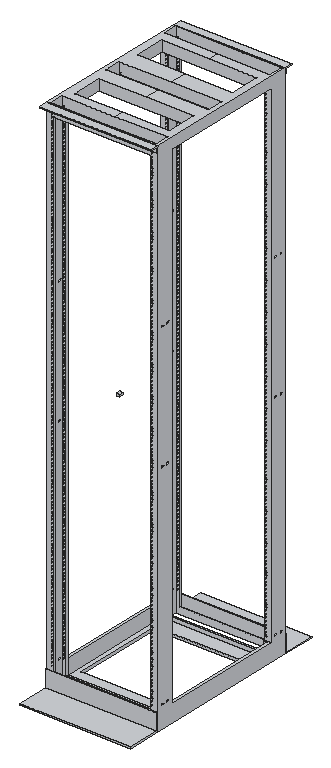
Revit family (continued)
Forms (in)
  Extrusion 53, void
    sketch origin (0, 0, -84) x (1, 0, 0) y (0, 0, 1)
      loop
        line (9.175, 52.604) -> (9.086, 52.604) -> (9.086, 52.426) -> (9.175, 52.426) -> (9.264, 52.426) -> (9.264, 52.515) -> (9.264, 52.604) -> (9.175, 52.604)
      loop
        line (9.175, 51.979) -> (9.086, 51.979) -> (9.086, 51.801) -> (9.175, 51.801) -> (9.264, 51.801) -> (9.264, 51.89) -> (9.264, 51.979) -> (9.175, 51.979)
      loop
        line (9.175, 51.354) -> (9.086, 51.354) -> (9.086, 51.176) -> (9.175, 51.176) -> (9.264, 51.176) -> (9.264, 51.265) -> (9.264, 51.354) -> (9.175, 51.354)
    from 0 to 36
  Extrusion 54, void
    sketch origin (0, 0, -85.75) x (1, 0, 0) y (0, 0, 1)
      loop
        line (-9.175, 52.604) -> (-9.264, 52.604) -> (-9.264, 52.515) -> (-9.264, 52.426) -> (-9.175, 52.426) -> (-9.086, 52.426) -> (-9.086, 52.604) -> (-9.175, 52.604)
      loop
        line (-9.175, 51.979) -> (-9.264, 51.979) -> (-9.264, 51.89) -> (-9.264, 51.801) -> (-9.175, 51.801) -> (-9.086, 51.801) -> (-9.086, 51.979) -> (-9.175, 51.979)
      loop
        line (-9.175, 51.354) -> (-9.264, 51.354) -> (-9.264, 51.265) -> (-9.264, 51.176) -> (-9.175, 51.176) -> (-9.086, 51.176) -> (-9.086, 51.354) -> (-9.175, 51.354)
      loop
        line (9.175, 52.604) -> (9.086, 52.604) -> (9.086, 52.426) -> (9.175, 52.426) -> (9.264, 52.426) -> (9.264, 52.515) -> (9.264, 52.604) -> (9.175, 52.604)
      loop
        line (9.175, 51.979) -> (9.086, 51.979) -> (9.086, 51.801) -> (9.175, 51.801) -> (9.264, 51.801) -> (9.264, 51.89) -> (9.264, 51.979) -> (9.175, 51.979)
      loop
        line (9.175, 51.354) -> (9.086, 51.354) -> (9.086, 51.176) -> (9.175, 51.176) -> (9.264, 51.176) -> (9.264, 51.265) -> (9.264, 51.354) -> (9.175, 51.354)
    from 0 to 36
  Extrusion 55, void
    sketch origin (0, 0, -87.5) x (1, 0, 0) y (0, 0, 1)
      loop
        line (-9.175, 52.604) -> (-9.264, 52.604) -> (-9.264, 52.515) -> (-9.264, 52.426) -> (-9.175, 52.426) -> (-9.086, 52.426) -> (-9.086, 52.604) -> (-9.175, 52.604)
      loop
        line (-9.175, 51.979) -> (-9.264, 51.979) -> (-9.264, 51.89) -> (-9.264, 51.801) -> (-9.175, 51.801) -> (-9.086, 51.801) -> (-9.086, 51.979) -> (-9.175, 51.979)
      loop
        line (-9.175, 51.354) -> (-9.264, 51.354) -> (-9.264, 51.265) -> (-9.264, 51.176) -> (-9.175, 51.176) -> (-9.086, 51.176) -> (-9.086, 51.354) -> (-9.175, 51.354)
      loop
        line (9.175, 52.604) -> (9.086, 52.604) -> (9.086, 52.426) -> (9.175, 52.426) -> (9.264, 52.426) -> (9.264, 52.515) -> (9.264, 52.604) -> (9.175, 52.604)
      loop
        line (9.175, 51.979) -> (9.086, 51.979) -> (9.086, 51.801) -> (9.175, 51.801) -> (9.264, 51.801) -> (9.264, 51.89) -> (9.264, 51.979) -> (9.175, 51.979)
      loop
        line (9.175, 51.354) -> (9.086, 51.354) -> (9.086, 51.176) -> (9.175, 51.176) -> (9.264, 51.176) -> (9.264, 51.265) -> (9.264, 51.354) -> (9.175, 51.354)
    from 0 to 36
  Extrusion 56, void
    sketch origin (0, 0, -89.25) x (1, 0, 0) y (0, 0, 1)
      loop
        line (-9.175, 52.604) -> (-9.264, 52.604) -> (-9.264, 52.515) -> (-9.264, 52.426) -> (-9.175, 52.426) -> (-9.086, 52.426) -> (-9.086, 52.604) -> (-9.175, 52.604)
      loop
        line (-9.175, 51.979) -> (-9.264, 51.979) -> (-9.264, 51.89) -> (-9.264, 51.801) -> (-9.175, 51.801) -> (-9.086, 51.801) -> (-9.086, 51.979) -> (-9.175, 51.979)
      loop
        line (-9.175, 51.354) -> (-9.264, 51.354) -> (-9.264, 51.265) -> (-9.264, 51.176) -> (-9.175, 51.176) -> (-9.086, 51.176) -> (-9.086, 51.354) -> (-9.175, 51.354)
      loop
        line (9.175, 52.604) -> (9.086, 52.604) -> (9.086, 52.426) -> (9.175, 52.426) -> (9.264, 52.426) -> (9.264, 52.515) -> (9.264, 52.604) -> (9.175, 52.604)
      loop
        line (9.175, 51.979) -> (9.086, 51.979) -> (9.086, 51.801) -> (9.175, 51.801) -> (9.264, 51.801) -> (9.264, 51.89) -> (9.264, 51.979) -> (9.175, 51.979)
      loop
        line (9.175, 51.354) -> (9.086, 51.354) -> (9.086, 51.176) -> (9.175, 51.176) -> (9.264, 51.176) -> (9.264, 51.265) -> (9.264, 51.354) -> (9.175, 51.354)
    from 0 to 36
  Extrusion 57, void
    sketch origin (0, 0, -10.5) x (1, 0, 0) y (0, 0, 1)
      loop
        line (-9.175, 52.604) -> (-9.264, 52.604) -> (-9.264, 52.515) -> (-9.264, 52.426) -> (-9.175, 52.426) -> (-9.086, 52.426) -> (-9.086, 52.604) -> (-9.175, 52.604)
      loop
        line (-9.175, 51.979) -> (-9.264, 51.979) -> (-9.264, 51.89) -> (-9.264, 51.801) -> (-9.175, 51.801) -> (-9.086, 51.801) -> (-9.086, 51.979) -> (-9.175, 51.979)
      loop
        line (-9.175, 51.354) -> (-9.264, 51.354) -> (-9.264, 51.265) -> (-9.264, 51.176) -> (-9.175, 51.176) -> (-9.086, 51.176) -> (-9.086, 51.354) -> (-9.175, 51.354)
      loop
        line (9.175, 52.604) -> (9.086, 52.604) -> (9.086, 52.426) -> (9.175, 52.426) -> (9.264, 52.426) -> (9.264, 52.515) -> (9.264, 52.604) -> (9.175, 52.604)
      loop
        line (9.175, 51.979) -> (9.086, 51.979) -> (9.086, 51.801) -> (9.175, 51.801) -> (9.264, 51.801) -> (9.264, 51.89) -> (9.264, 51.979) -> (9.175, 51.979)
      loop
        line (9.175, 51.354) -> (9.086, 51.354) -> (9.086, 51.176) -> (9.175, 51.176) -> (9.264, 51.176) -> (9.264, 51.265) -> (9.264, 51.354) -> (9.175, 51.354)
    from 0 to 36
  Extrusion 58, void
    sketch origin (0, 0, -8.75) x (1, 0, 0) y (0, 0, 1)
      loop
        line (-9.175, 52.604) -> (-9.264, 52.604) -> (-9.264, 52.515) -> (-9.264, 52.426) -> (-9.175, 52.426) -> (-9.086, 52.426) -> (-9.086, 52.604) -> (-9.175, 52.604)
      loop
        line (-9.175, 51.979) -> (-9.264, 51.979) -> (-9.264, 51.89) -> (-9.264, 51.801) -> (-9.175, 51.801) -> (-9.086, 51.801) -> (-9.086, 51.979) -> (-9.175, 51.979)
      loop
        line (-9.175, 51.354) -> (-9.264, 51.354) -> (-9.264, 51.265) -> (-9.264, 51.176) -> (-9.175, 51.176) -> (-9.086, 51.176) -> (-9.086, 51.354) -> (-9.175, 51.354)
      loop
        line (9.175, 52.604) -> (9.086, 52.604) -> (9.086, 52.426) -> (9.175, 52.426) -> (9.264, 52.426) -> (9.264, 52.515) -> (9.264, 52.604) -> (9.175, 52.604)
      loop
        line (9.175, 51.979) -> (9.086, 51.979) -> (9.086, 51.801) -> (9.175, 51.801) -> (9.264, 51.801) -> (9.264, 51.89) -> (9.264, 51.979) -> (9.175, 51.979)
      loop
        line (9.175, 51.354) -> (9.086, 51.354) -> (9.086, 51.176) -> (9.175, 51.176) -> (9.264, 51.176) -> (9.264, 51.265) -> (9.264, 51.354) -> (9.175, 51.354)
    from 0 to 36
  Extrusion 59, void
    sketch origin (0, 0, -7) x (1, 0, 0) y (0, 0, 1)
      loop
        line (-9.175, 52.604) -> (-9.264, 52.604) -> (-9.264, 52.515) -> (-9.264, 52.426) -> (-9.175, 52.426) -> (-9.086, 52.426) -> (-9.086, 52.604) -> (-9.175, 52.604)
      loop
        line (-9.175, 51.979) -> (-9.264, 51.979) -> (-9.264, 51.89) -> (-9.264, 51.801) -> (-9.175, 51.801) -> (-9.086, 51.801) -> (-9.086, 51.979) -> (-9.175, 51.979)
      loop
        line (-9.175, 51.354) -> (-9.264, 51.354) -> (-9.264, 51.265) -> (-9.264, 51.176) -> (-9.175, 51.176) -> (-9.086, 51.176) -> (-9.086, 51.354) -> (-9.175, 51.354)
      loop
        line (9.175, 52.604) -> (9.086, 52.604) -> (9.086, 52.426) -> (9.175, 52.426) -> (9.264, 52.426) -> (9.264, 52.515) -> (9.264, 52.604) -> (9.175, 52.604)
      loop
        line (9.175, 51.979) -> (9.086, 51.979) -> (9.086, 51.801) -> (9.175, 51.801) -> (9.264, 51.801) -> (9.264, 51.89) -> (9.264, 51.979) -> (9.175, 51.979)
      loop
        line (9.175, 51.354) -> (9.086, 51.354) -> (9.086, 51.176) -> (9.175, 51.176) -> (9.264, 51.176) -> (9.264, 51.265) -> (9.264, 51.354) -> (9.175, 51.354)
    from 0 to 36
  Extrusion 60, void
    sketch origin (0, 0, -5.25) x (1, 0, 0) y (0, 0, 1)
      loop
        line (-9.175, 52.604) -> (-9.264, 52.604) -> (-9.264, 52.515) -> (-9.264, 52.426) -> (-9.175, 52.426) -> (-9.086, 52.426) -> (-9.086, 52.604) -> (-9.175, 52.604)
      loop
        line (-9.175, 51.979) -> (-9.264, 51.979) -> (-9.264, 51.89) -> (-9.264, 51.801) -> (-9.175, 51.801) -> (-9.086, 51.801) -> (-9.086, 51.979) -> (-9.175, 51.979)
      loop
        line (-9.175, 51.354) -> (-9.264, 51.354) -> (-9.264, 51.265) -> (-9.264, 51.176) -> (-9.175, 51.176) -> (-9.086, 51.176) -> (-9.086, 51.354) -> (-9.175, 51.354)
      loop
        line (9.175, 52.604) -> (9.086, 52.604) -> (9.086, 52.426) -> (9.175, 52.426) -> (9.264, 52.426) -> (9.264, 52.515) -> (9.264, 52.604) -> (9.175, 52.604)
      loop
        line (9.175, 51.979) -> (9.086, 51.979) -> (9.086, 51.801) -> (9.175, 51.801) -> (9.264, 51.801) -> (9.264, 51.89) -> (9.264, 51.979) -> (9.175, 51.979)
      loop
        line (9.175, 51.354) -> (9.086, 51.354) -> (9.086, 51.176) -> (9.175, 51.176) -> (9.264, 51.176) -> (9.264, 51.265) -> (9.264, 51.354) -> (9.175, 51.354)
    from 0 to 36
  Extrusion 61, void
    sketch origin (0, 0, -3.5) x (1, 0, 0) y (0, 0, 1)
      loop
        line (-9.175, 52.604) -> (-9.264, 52.604) -> (-9.264, 52.515) -> (-9.264, 52.426) -> (-9.175, 52.426) -> (-9.086, 52.426) -> (-9.086, 52.604) -> (-9.175, 52.604)
      loop
        line (-9.175, 51.979) -> (-9.264, 51.979) -> (-9.264, 51.89) -> (-9.264, 51.801) -> (-9.175, 51.801) -> (-9.086, 51.801) -> (-9.086, 51.979) -> (-9.175, 51.979)
      loop
        line (-9.175, 51.354) -> (-9.264, 51.354) -> (-9.264, 51.265) -> (-9.264, 51.176) -> (-9.175, 51.176) -> (-9.086, 51.176) -> (-9.086, 51.354) -> (-9.175, 51.354)
      loop
        line (9.175, 52.604) -> (9.086, 52.604) -> (9.086, 52.426) -> (9.175, 52.426) -> (9.264, 52.426) -> (9.264, 52.515) -> (9.264, 52.604) -> (9.175, 52.604)
      loop
        line (9.175, 51.979) -> (9.086, 51.979) -> (9.086, 51.801) -> (9.175, 51.801) -> (9.264, 51.801) -> (9.264, 51.89) -> (9.264, 51.979) -> (9.175, 51.979)
      loop
        line (9.175, 51.354) -> (9.086, 51.354) -> (9.086, 51.176) -> (9.175, 51.176) -> (9.264, 51.176) -> (9.264, 51.265) -> (9.264, 51.354) -> (9.175, 51.354)
    from 0 to 36
  Extrusion 62, void
    sketch origin (0, 0, -1.75) x (1, 0, 0) y (0, 0, 1)
      loop
        line (-9.175, 52.604) -> (-9.264, 52.604) -> (-9.264, 52.515) -> (-9.264, 52.426) -> (-9.175, 52.426) -> (-9.086, 52.426) -> (-9.086, 52.604) -> (-9.175, 52.604)
      loop
        line (-9.175, 51.979) -> (-9.264, 51.979) -> (-9.264, 51.89) -> (-9.264, 51.801) -> (-9.175, 51.801) -> (-9.086, 51.801) -> (-9.086, 51.979) -> (-9.175, 51.979)
      loop
        line (-9.175, 51.354) -> (-9.264, 51.354) -> (-9.264, 51.265) -> (-9.264, 51.176) -> (-9.175, 51.176) -> (-9.086, 51.176) -> (-9.086, 51.354) -> (-9.175, 51.354)
      loop
        line (9.175, 52.604) -> (9.086, 52.604) -> (9.086, 52.426) -> (9.175, 52.426) -> (9.264, 52.426) -> (9.264, 52.515) -> (9.264, 52.604) -> (9.175, 52.604)
      loop
        line (9.175, 51.979) -> (9.086, 51.979) -> (9.086, 51.801) -> (9.175, 51.801) -> (9.264, 51.801) -> (9.264, 51.89) -> (9.264, 51.979) -> (9.175, 51.979)
      loop
        line (9.175, 51.354) -> (9.086, 51.354) -> (9.086, 51.176) -> (9.175, 51.176) -> (9.264, 51.176) -> (9.264, 51.265) -> (9.264, 51.354) -> (9.175, 51.354)
    from 0 to 36
  Extrusion 63, void
    sketch origin (0, 0, 0) x (1, 0, 0) y (0, 0, 1)
      loop
        line (-9.175, 52.604) -> (-9.264, 52.604) -> (-9.264, 52.515) -> (-9.264, 52.426) -> (-9.175, 52.426) -> (-9.086, 52.426) -> (-9.086, 52.604) -> (-9.175, 52.604)
      loop
        line (-9.175, 51.979) -> (-9.264, 51.979) -> (-9.264, 51.89) -> (-9.264, 51.801) -> (-9.175, 51.801) -> (-9.086, 51.801) -> (-9.086, 51.979) -> (-9.175, 51.979)
      loop
        line (-9.175, 51.354) -> (-9.264, 51.354) -> (-9.264, 51.265) -> (-9.264, 51.176) -> (-9.175, 51.176) -> (-9.086, 51.176) -> (-9.086, 51.354) -> (-9.175, 51.354)
      loop
        line (9.175, 52.604) -> (9.086, 52.604) -> (9.086, 52.426) -> (9.175, 52.426) -> (9.264, 52.426) -> (9.264, 52.515) -> (9.264, 52.604) -> (9.175, 52.604)
      loop
        line (9.175, 51.979) -> (9.086, 51.979) -> (9.086, 51.801) -> (9.175, 51.801) -> (9.264, 51.801) -> (9.264, 51.89) -> (9.264, 51.979) -> (9.175, 51.979)
      loop
        line (9.175, 51.354) -> (9.086, 51.354) -> (9.086, 51.176) -> (9.175, 51.176) -> (9.264, 51.176) -> (9.264, 51.265) -> (9.264, 51.354) -> (9.175, 51.354)
    from 0 to 36
Cuts and joins
  Extrusion 3, Extrusion 4, Extrusion 5, Extrusion 6, Extrusion 8, Extrusion 9, Extrusion 10, Extrusion 11, Extrusion 12, Extrusion 13, Extrusion 14, Extrusion 15, Extrusion 16, Extrusion 17, Extrusion 18, Extrusion 19, Extrusion 20, Extrusion 21, Extrusion 22, Extrusion 23, Extrusion 24, Extrusion 25, Extrusion 26, Extrusion 27, Extrusion 28, Extrusion 29, Extrusion 30, Extrusion 31, Extrusion 32, Extrusion 33, Extrusion 34, Extrusion 35, Extrusion 36, Extrusion 37, Extrusion 38, Extrusion 39, Extrusion 40, Extrusion 41, Extrusion 42, Extrusion 43, Extrusion 44, Extrusion 45, Extrusion 46, Extrusion 47, Extrusion 48, Extrusion 49, Extrusion 50, Extrusion 51, Extrusion 52, Extrusion 53, Extrusion 54, Extrusion 55, Extrusion 56, Extrusion 57, Extrusion 58, Extrusion 59, Extrusion 60, Extrusion 61, Extrusion 62, Extrusion 63 cuts Extrusion 2
  Extrusion 8, Extrusion 9, Extrusion 10, Extrusion 11, Extrusion 12, Extrusion 13, Extrusion 14, Extrusion 15, Extrusion 16, Extrusion 17, Extrusion 18, Extrusion 19, Extrusion 20, Extrusion 21, Extrusion 22, Extrusion 23, Extrusion 24, Extrusion 25, Extrusion 26, Extrusion 27, Extrusion 28, Extrusion 29, Extrusion 30, Extrusion 31, Extrusion 32, Extrusion 33, Extrusion 34, Extrusion 35, Extrusion 36, Extrusion 37, Extrusion 38, Extrusion 39, Extrusion 40, Extrusion 41, Extrusion 42, Extrusion 43, Extrusion 44, Extrusion 45, Extrusion 46, Extrusion 47, Extrusion 48, Extrusion 49, Extrusion 50, Extrusion 51, Extrusion 52, Extrusion 53, Extrusion 54, Extrusion 55, Extrusion 56, Extrusion 57, Extrusion 58, Extrusion 59, Extrusion 60, Extrusion 61, Extrusion 62, Extrusion 63 cuts Extrusion 7
Dimensions and locks (in)
  equal spacing: group 2, group 3, group 4, group 5, group 6, group 7, group 8, group 9, group 10, group 11, group 12, group 13, group 14, group 15, group 16, group 17, group 18, group 19, group 20, group 21, group 22, group 23, group 24, group 25, group 26, group 27, group 28, group 29, group 30, group 31, group 32, group 33, group 34, group 35, group 36, group 37, group 38, group 39, group 40, group 41, group 42, group 43, group 44, group 45, group 46  (x2)
  equal spacing: group 46, group 45, group 44, group 43, group 42, group 41, group 40, group 39, group 38, group 37, group 36, group 35, group 34, group 33, group 32, group 31, group 30, group 29, group 28, group 27, group 26, group 25, group 24, group 23, group 22, group 21, group 20, group 19, group 18, group 17, group 16, group 15, group 14, group 13, group 12, group 11, group 10, group 9, group 8, group 7, group 6, group 5, group 4, group 3, group 2
  equal spacing: group 2, group 47, group 48, group 49, group 50, group 51, group 52, group 53  (x3)
